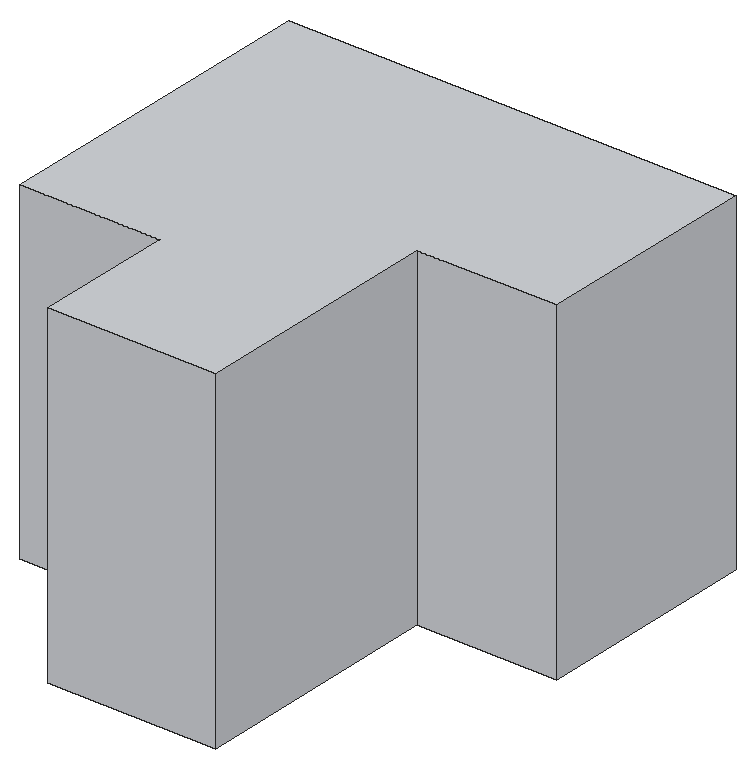
Revit family "M_T retangular - Redução", category Conexões de duto, Revit 2019
Family settings
  Cota do conector redondo = Utilizar diâmetro
  Tipo de parte = Tê
  Número OmniClass = 23.75.70.14
  Título OmniClass = Air Ductwork
  ID de item do Seek = Rectangular Tee - Reducing-0000-CAN-ENU
  Com base no plano de trabalho = Não
  Sempre na vertical = Sim
  Corte com vazios quando carregada = Não
  Compartilhado = Não
Parameters (values of type "Padrão")
  Deslocamento 1 [instance] = if(Largura do duto 1 > Largura do duto 2, ((Largura do duto 1 / 2 - Largura do duto 2 / 2) / 2 + Largura do duto 2 / 2), ((Largura do duto 2 / 2 - Largura do duto 1 / 2) / 2 + Largura do duto 1 / 2))  # 125 mm
  Largura do duto 3 [instance] = 150 mm
  Largura do duto 2 [instance] = 200 mm
  Largura do duto 1 [instance] = 300 mm
  Comprimento do duto 3 [instance] = if(Largura do duto 1 > Largura do duto 2, Largura do duto 1, Largura do duto 2)  # 300 mm
  Comprimento do duto 2 [instance] = Largura do duto 3 / 2 + 125 mm  # 200 mm
  Comprimento do duto 1 [instance] = Largura do duto 3 / 2 + 125 mm  # 200 mm
  Altura do duto [instance] = 300 mm
Reference planes
  plane 1 "Centro (Frente/Trás)": y = 0
  plane 2: z = 0
  plane 3 "Centro (Esquerda/Direita)": x = 0
  plane 4: y = 125
  plane 5: y = -175
  plane 6: y = -25
  plane 7: x = -200
  plane 8: x = 200
  plane 9: y = -75
  plane 10: y = 25
  plane 11: y = -300
  plane 12: x = -75
  plane 13: x = 75
Forms (mm)
  Sweep 1, solid, detail levels medium+fine
    path in 3D
      loop
        line (-200, -25, 0) -> (0, -25, 0)
    profile "M_Perfil do duto retangular : Duto - Retangular 1" origin (-100, -25, 0) x (0, 1, 0) y (0, 0, 1)
      loop
        line (-150, 150) -> (-150, -150) -> (150, -150) -> (150, 150) -> (-150, 150)
  Sweep 2, solid, detail levels medium+fine
    path in 3D
      loop
        line (0, 25, 0) -> (200, 25, 0)
    profile "M_Perfil do duto retangular : Duto - Retangular 2" origin (100, 25, 0) x (0, 1, 0) y (0, 0, 1)
      loop
        line (-100, 150) -> (-100, -150) -> (100, -150) -> (100, 150) -> (-100, 150)
  Sweep 3, solid, detail levels medium+fine
    path in 3D
      loop
        line (0, -25, 0) -> (0, -300, 0)
    profile "M_Perfil do duto retangular : Duto - Retangular 3" origin (0, -162.5, 0) x (1, 0, 0) y (0, 0, 1)
      loop
        line (-75, 150) -> (-75, -150) -> (75, -150) -> (75, 150) -> (-75, 150)
  Sweep 4, solid, detail levels medium+fine
    path in 3D
      loop
        line (0, 25, 0) -> (0, -300, 0)
    profile "M_Perfil do duto retangular : Duto - Retangular 3" origin (0, -137.5, 0) x (1, 0, 0) y (0, 0, 1)
      loop
        line (-75, 150) -> (-75, -150) -> (75, -150) -> (75, 150) -> (-75, 150)
Cuts and joins
  joined: Sweep 1, Sweep 2, Sweep 3, Sweep 4
Lines and regions (mm)
  reference lines
    curve 1: line (-200, -25, 0) -> (0, -25, 0)
    curve 2: line (0, 25, 0) -> (200, 25, 0)
    curve 3: line (0, 25, 0) -> (0, -300, 0)
    curve 4: line (0, -25, 0) -> (0, -300, 0)
  sketch lines
    curve 5: line (-200, -25, 0) -> (0, -25, 0)
    curve 6: line (0, 25, 0) -> (200, 25, 0)
    curve 7: line (0, -25, 0) -> (0, -300, 0)
    curve 8: line (0, 25, 0) -> (0, -300, 0)
  model lines, detail levels coarse
    curve 9: line (-200, -25, 0) -> (0, -25, 0)
    curve 10: line (0, 25, 0) -> (200, 25, 0)
    curve 11: line (0, 25, 0) -> (0, -300, 0)
    curve 12: line (0, -25, 0) -> (0, -300, 0)
Dimensions and locks
  "Deslocamento 1": plane 1 "Centro (Frente/Trás)" to plane 4
  "Largura do duto 1": plane 4 to plane 5
  equal spacing: plane 4, plane 6, plane 5
  "Comprimento do duto 1": plane 7 to plane 3 "Centro (Esquerda/Direita)"
  "Comprimento do duto 2": plane 3 "Centro (Esquerda/Direita)" to plane 8
  "Largura do duto 2": plane 4 to plane 9
  equal spacing: plane 4, plane 10, plane 9
  "Comprimento do duto 3": plane 11 to plane 1 "Centro (Frente/Trás)"
  equal spacing: plane 12, plane 3 "Centro (Esquerda/Direita)", plane 13
  "Largura do duto 3": plane 12 to plane 13
  aligned and locked: plane 3 "Centro (Esquerda/Direita)" to curve 1
  aligned and locked: plane 7 to curve 1
  aligned and locked: curve 1 to plane 6
  aligned and locked: plane 3 "Centro (Esquerda/Direita)" to curve 2
  aligned and locked: plane 8 to curve 2
  aligned and locked: curve 2 to plane 10
  aligned and locked: plane 11 to curve 3
  aligned and locked: plane 6 to curve 4
  aligned and locked: plane 11 to curve 4
  aligned and locked: curve 4 to plane 3 "Centro (Esquerda/Direita)"
  aligned and locked: plane 7 to curve 9
  aligned and locked: plane 3 "Centro (Esquerda/Direita)" to curve 9
  aligned and locked: curve 9 to plane 6
  aligned and locked: plane 8 to curve 10
  aligned and locked: curve 10 to plane 10
  aligned and locked: plane 11 to curve 12
  aligned and locked: plane 6 to curve 12
  aligned and locked: plane 11 to curve 11
  aligned and locked: curve 11 to plane 3 "Centro (Esquerda/Direita)"
Connectors
  hvac at (-200, -25, 0), driven by "Largura do duto 1", driven by "Altura do duto"
    settings: on cut or joined group of Sweep 1, Sweep 2, Sweep 3, Sweep 4, index 1, duct flow 0.0 L/s, flow factor 0, pres drop 0.0 Pa, loss coef 0, conn angle 0.00°, conn width 300 mm, conn height 300 mm, conn diameter 609.6 mm, duct sys type 28, conn prof type 1, flow config 0, flow direction 0, loss method 0, conn ref index 2, conn util no, is conn primary yes, conn desc ""
  hvac at (200, 25, 0), driven by "Altura do duto", driven by "Largura do duto 2"
    settings: on cut or joined group of Sweep 1, Sweep 2, Sweep 3, Sweep 4, index 2, duct flow 0.0 L/s, flow factor 0, pres drop 0.0 Pa, loss coef 0, conn angle 0.00°, conn width 200 mm, conn height 300 mm, conn diameter 609.6 mm, duct sys type 28, conn prof type 1, flow config 0, flow direction 0, loss method 0, conn ref index 1, conn util no, is conn primary no, conn desc ""
  hvac at (0, -300, 0), driven by "Altura do duto", driven by "Largura do duto 3"
    settings: on cut or joined group of Sweep 1, Sweep 2, Sweep 3, Sweep 4, index 3, duct flow 0.0 L/s, flow factor 0, pres drop 0.0 Pa, loss coef 0, conn angle 0.00°, conn width 150 mm, conn height 300 mm, conn diameter 609.6 mm, duct sys type 28, conn prof type 1, flow config 0, flow direction 0, loss method 0, conn ref index -1, conn util no, is conn primary no, conn desc ""
